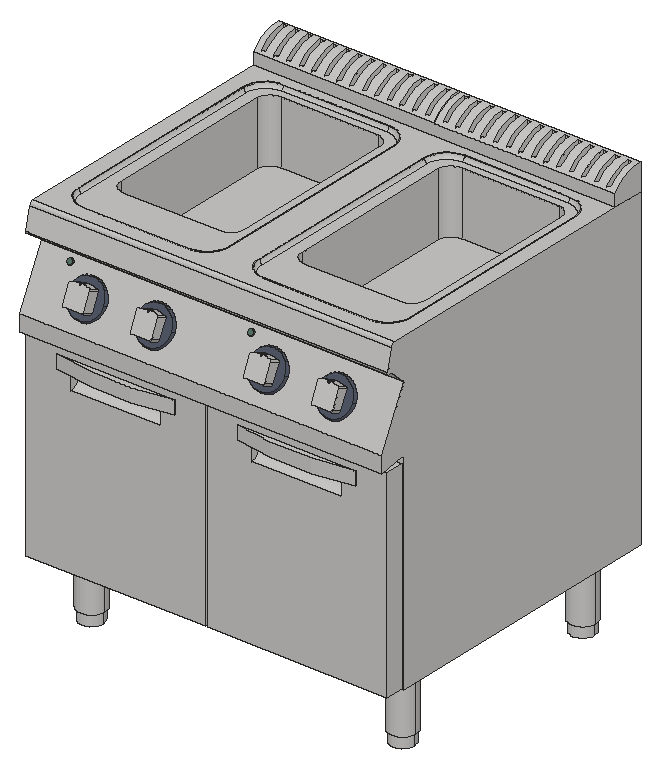
Revit family "QF_ZANUSSI_372099_Z7PCEH2KF0", category Specialty Equipment, Revit 2018
Family settings
  Round Connector Dimension = Use Diameter
  Part Type = Normal
  Work Plane-Based = No
  Always vertical = Yes
  Cut with Voids When Loaded = No
  Shared = No
  Room Calculation Point = No
Parameters
  Width = 800 mm  # constant formula
  Weight in Pounds = 110  # constant formula
  Weight = 0.00 kg
  Watts = 12000 W  # constant formula
  Waste Water Discharge Temperature [instance] = -459.67 °F
  Volts = 400 V  # constant formula
  URL Manufacturer = "http://www.zanussiprofessional.com"
  URL Cutsheet = "www.electrolux.com/foodservice"
  URL = "http://www.zanussiprofessional.com"
  Type Mark [instance] = ""
  Steam Supply Size = 0"
  Steam Supply Minimum Pressure = 0.00 psi
  Steam Supply Maximum Pressure = 0.00 psi
  Steam Pounds per Hour = 0
  Status [instance] = ""
  Specification by User [instance] = ""
  Specification by Manufacturer = ""
  Show Logo [instance] = yes
  Show Clearance [instance] = yes
  Serial Number = ""
  Seismic Rating = ""
  SMACNA No = ""
  Revision Code [instance] = ""
  Refrigeration Suction Line Size = 0"
  Refrigeration Liquid Line Size = 0"
  Refrigerant Compressor Remote = yes
  Plumbing Remarks [instance] = ""
  Plumbing Connection Type [instance] = ""
  Phase = 3  # constant formula
  Omniclass Number and Title = ""
  Number of Poles [instance] = 1
  NAFEM Spec ID Number = ""
  Model = "Z7PCEH2KF0"
  Min Ckt Ampacity = 0 A
  Max Overcurrent Protection = 0 A
  Masterspec = ""
  Manufacturer = "Zanussi"
  Length Actual = 800 mm  # constant formula
  Item Number [instance] = "372099"
  Installed By [instance] = ""
  Indirect Waste Size = 1"  # constant formula
  Indirect Waste Flow [instance] = 0 GPM
  Indirect Waste Connection Type [instance] = ""
  Indirect Waste Connection Height = 0 mm
  Identify Quantity as Lot [instance] = yes
  Hot Water Size = 0"
  Height Actual = 850 mm  # constant formula
  Height = 333 mm  # constant formula
  HP = "16.1 HP"
  Gas Size = 0"
  Gas KW = 0
  Gas Input Pressure = 0.0 Btu/h
  Furnished By [instance] = ""
  Foodservice Equipment Identifier [instance] = yes
  FL Amps = if(Phase = 3, Watts / (Volts * 1.73), Watts / Volts)  # 17.341 A
  Electrical Remarks [instance] = "400 V/3N ph/50/60 Hz"  # constant formula
  Electric Connection Type [instance] = ""
  Elec Conn RI Height [instance] = 0 mm
  Elec Conn Connection Height [instance] = 0 mm
  Direct Waste Size = 1"
  Description = "2-WELL EL. PASTA COOKER 2X24,5 LT 800 MM"
  Depth Actual = 700 mm  # constant formula
  Depth = 715 mm  # constant formula
  Cycle = if([60 Hertz Option], 60 Hz, 50 Hz)  # 60 Hz
  Conn Plug = ""
  Conn Conduit = yes
  Condensate Return Size = 0"
  Compressed Air Volume = 0 GPM
  Compressed Air Size = 0"
  Compressed Air Pressure = 0.00 psi
  Cold Water Temperature Recommended [instance] = -459.67 °F
  Cold Water Size = 1/2"  # constant formula
  Cold Water RI Height [instance] = 0 mm
  Cold Water Minimum Pressure [instance] = 0.00 psi
  Cold Water Maximum Pressure [instance] = 0.00 psi
  Cold Water Flow [instance] = 0 GPM
  Cold Water Consumption [instance] = ""
  Cold Water Connection Height = 0 mm
  CSI MasterFormat = ""
  CSI Master Format = ""
  Base Height [instance] = 150 mm  # constant formula
  Apparent Power = if(Phase = 3, Volts * FL Amps * 1.73, Volts * FL Amps)  # 12000 VA
  Accessory = yes
  60 Hertz Option = not([50 Hertz Option])  # yes
  50 Hertz Option = no
Reference planes
  plane 1 "BACK": y = 0
  plane 2: z = 0
  plane 3 "LEFT": x = 0
  plane 4 "RIGHT": x = 800
  plane 5 "FRONT": y = -715
  plane 6 "TOP": z = 908.238
  plane 7 "Center Y": x = 400
  plane 8 "Center X": y = -357.5
  plane 9 "BASE": z = 600.237
  plane 10 "TOP A": z = 850.238
  plane 11: y = -597.884
  plane 12: y = -147.637
  plane 13: z = 942.313
  plane 14: z = 150
Forms (mm)
  Extrusion 1, solid, material "QF_Finishes_Stainless Steel"
    sketch origin (0, 0, 0) x (0, 1, 0) y (0, 0, 1)
      loop
        line (0, 850.238) -> (-679.358, 850.238)
        arc (-679.358, 850.238) -> (-684.643, 848.048) -> (-686.833, 842.763) r 7.474
        line (-686.833, 842.763) -> (-699.884, 797.248)
        arc (-699.884, 797.248) -> (-699.396, 794.616) -> (-697, 793.421) r 3
        line (-697, 793.421) -> (-686.802, 793.421) -> (-654.982, 761.602) -> (-715, 640.746) -> (-715, 605.746) -> (-658.645, 613.666)
        arc (-658.645, 613.666) -> (-656.101, 612.912) -> (-655, 610.497) r 3.2
        line (-655, 610.497) -> (-655, 150.238) -> (0, 150.238) -> (0, 850.238)
      loop
        line (-700, 600.238) -> (-700, 155.238) -> (-660, 155.238) -> (-660, 600.238) -> (-700, 600.238)
    from 0 to 800
  Extrusion 2, solid, material "QF_Finishes_Stainless Steel"
    sketch origin (0, 0, 0) x (0, 1, 0) y (0, 0, 1)
      loop
        line (0, 850.237) -> (0, 908.237)
        arc (0, 908.237) -> (-38.715, 900.058) -> (-69.85, 875.637) r 87.358
        line (-69.85, 875.637) -> (-69.85, 850.237) -> (0, 850.237)
    from 0 to 800
  Extrusion 3, void
    sketch origin (0, 0, 850.238) x (-1, 0, 0) y (0, -1, 0)
      loop
        arc (-316.662, 645.265) -> (-352.018, 630.62) -> (-366.662, 595.265) r 50
        line (-366.662, 595.265) -> (-366.662, 140.124)
        arc (-366.662, 140.124) -> (-352.018, 104.769) -> (-316.662, 90.124) r 50
        line (-316.662, 90.124) -> (-83.338, 90.124)
        arc (-83.338, 90.124) -> (-47.982, 104.769) -> (-33.338, 140.124) r 50
        line (-33.338, 140.124) -> (-33.338, 595.265)
        arc (-33.338, 595.265) -> (-47.982, 630.62) -> (-83.338, 645.265) r 50
        line (-83.338, 645.265) -> (-316.662, 645.265)
      loop
        line (-483.337, 645.265) -> (-716.662, 645.265)
        arc (-716.662, 645.265) -> (-752.018, 630.62) -> (-766.662, 595.265) r 50
        line (-766.662, 595.265) -> (-766.662, 140.124)
        arc (-766.662, 140.124) -> (-752.018, 104.769) -> (-716.662, 90.124) r 50
        line (-716.662, 90.124) -> (-483.337, 90.124)
        arc (-483.337, 90.124) -> (-447.982, 104.769) -> (-433.337, 140.124) r 50
        line (-433.337, 140.124) -> (-433.337, 595.265)
        arc (-433.337, 595.265) -> (-447.982, 630.62) -> (-483.337, 645.265) r 50
    from 0 to -152.4
  Extrusion 4, void
    sketch origin (0, 0, 850.238) x (-1, 0, 0) y (0, -1, 0)
      loop
        line (-13.453, 6.761) -> (-13.453, 63.911) -> (-22.749, 63.911) -> (-22.749, 6.761) -> (-13.453, 6.761)
    from 25.4 to 63.5
  Extrusion 5, solid, material "QF_Finishes_Clearance", visible <- "Show Clearance", detail levels coarse
    sketch origin (0, 0, 0) x (1, 0, 0) y (0, 1, 0)
      loop
        line (0, -715) -> (0, 0) -> (800, 0) -> (800, -715) -> (950.019, -715) -> (950.019, 150.019) -> (-150.019, 150.019) -> (-150.019, -715) -> (0, -715)
    from 0 to 908.237
  Extrusion 6, void
    sketch origin (361.95, 0, 850.237) x (-1, 0, 0) y (0, -1, 0)
      loop
        line (-13.403, 6.761) -> (-13.403, 63.911) -> (-22.699, 63.911) -> (-22.699, 6.761) -> (-13.403, 6.761)
    from 25.4 to 63.5
  Extrusion 7, void
    sketch origin (27.842, 0, 850.238) x (-1, 0, 0) y (0, -1, 0)
      loop
        line (-13.453, 6.761) -> (-13.453, 63.911) -> (-22.749, 63.911) -> (-22.749, 6.761) -> (-13.453, 6.761)
    from 25.4 to 63.5
  Extrusion 8, void
    sketch origin (55.685, 0, 850.238) x (-1, 0, 0) y (0, -1, 0)
      loop
        line (-13.453, 6.761) -> (-13.453, 63.911) -> (-22.749, 63.911) -> (-22.749, 6.761) -> (-13.453, 6.761)
    from 25.4 to 63.5
  Extrusion 9, void
    sketch origin (83.527, 0, 850.238) x (-1, 0, 0) y (0, -1, 0)
      loop
        line (-13.453, 6.761) -> (-13.453, 63.911) -> (-22.749, 63.911) -> (-22.749, 6.761) -> (-13.453, 6.761)
    from 25.4 to 63.5
  Extrusion 10, void
    sketch origin (111.369, 0, 850.237) x (-1, 0, 0) y (0, -1, 0)
      loop
        line (-13.453, 6.761) -> (-13.453, 63.911) -> (-22.749, 63.911) -> (-22.749, 6.761) -> (-13.453, 6.761)
    from 25.4 to 63.5
  Extrusion 11, void
    sketch origin (139.212, 0, 850.237) x (-1, 0, 0) y (0, -1, 0)
      loop
        line (-13.453, 6.761) -> (-13.453, 63.911) -> (-22.749, 63.911) -> (-22.749, 6.761) -> (-13.453, 6.761)
    from 25.4 to 63.5
  Extrusion 12, void
    sketch origin (167.054, 0, 850.237) x (-1, 0, 0) y (0, -1, 0)
      loop
        line (-13.453, 6.761) -> (-13.453, 63.911) -> (-22.749, 63.911) -> (-22.749, 6.761) -> (-13.453, 6.761)
    from 25.4 to 63.5
  Extrusion 13, void
    sketch origin (194.896, 0, 850.237) x (-1, 0, 0) y (0, -1, 0)
      loop
        line (-13.403, 6.761) -> (-13.403, 63.911) -> (-22.699, 63.911) -> (-22.699, 6.761) -> (-13.403, 6.761)
    from 25.4 to 63.5
  Extrusion 14, void
    sketch origin (222.738, 0, 850.237) x (-1, 0, 0) y (0, -1, 0)
      loop
        line (-13.403, 6.761) -> (-13.403, 63.911) -> (-22.699, 63.911) -> (-22.699, 6.761) -> (-13.403, 6.761)
    from 25.4 to 63.5
  Extrusion 15, void
    sketch origin (250.581, 0, 850.237) x (-1, 0, 0) y (0, -1, 0)
      loop
        line (-13.403, 6.761) -> (-13.403, 63.911) -> (-22.699, 63.911) -> (-22.699, 6.761) -> (-13.403, 6.761)
    from 25.4 to 63.5
  Extrusion 16, void
    sketch origin (278.423, 0, 850.237) x (-1, 0, 0) y (0, -1, 0)
      loop
        line (-13.403, 6.761) -> (-13.403, 63.911) -> (-22.699, 63.911) -> (-22.699, 6.761) -> (-13.403, 6.761)
    from 25.4 to 63.5
  Extrusion 17, void
    sketch origin (306.265, 0, 850.237) x (-1, 0, 0) y (0, -1, 0)
      loop
        line (-13.403, 6.761) -> (-13.403, 63.911) -> (-22.699, 63.911) -> (-22.699, 6.761) -> (-13.403, 6.761)
    from 25.4 to 63.5
  Extrusion 18, void
    sketch origin (334.108, 0, 850.237) x (-1, 0, 0) y (0, -1, 0)
      loop
        line (-13.403, 6.761) -> (-13.403, 63.911) -> (-22.699, 63.911) -> (-22.699, 6.761) -> (-13.403, 6.761)
    from 25.4 to 63.5
  Extrusion 19, void
    sketch origin (800.1, 0, 850.237) x (1, 0, 0) y (0, 1, 0)
      loop
        line (-13.553, -6.761) -> (-22.849, -6.761) -> (-22.849, -63.911) -> (-13.553, -63.911) -> (-13.553, -6.761)
    from 25.4 to 63.5
  Extrusion 20, void
    sketch origin (438.15, 0, 850.237) x (1, 0, 0) y (0, 1, 0)
      loop
        line (-13.503, -6.761) -> (-22.799, -6.761) -> (-22.799, -63.911) -> (-13.503, -63.911) -> (-13.503, -6.761)
    from 25.4 to 63.5
  Extrusion 21, void
    sketch origin (772.258, 0, 850.237) x (1, 0, 0) y (0, 1, 0)
      loop
        line (-13.553, -6.761) -> (-22.849, -6.761) -> (-22.849, -63.911) -> (-13.553, -63.911) -> (-13.553, -6.761)
    from 25.4 to 63.5
  Extrusion 22, void
    sketch origin (744.415, 0, 850.237) x (1, 0, 0) y (0, 1, 0)
      loop
        line (-13.553, -6.761) -> (-22.849, -6.761) -> (-22.849, -63.911) -> (-13.553, -63.911) -> (-13.553, -6.761)
    from 25.4 to 63.5
  Extrusion 23, void
    sketch origin (716.573, 0, 850.237) x (1, 0, 0) y (0, 1, 0)
      loop
        line (-13.553, -6.761) -> (-22.849, -6.761) -> (-22.849, -63.911) -> (-13.553, -63.911) -> (-13.553, -6.761)
    from 25.4 to 63.5
  Extrusion 24, void
    sketch origin (688.731, 0, 850.237) x (1, 0, 0) y (0, 1, 0)
      loop
        line (-13.553, -6.761) -> (-22.849, -6.761) -> (-22.849, -63.911) -> (-13.553, -63.911) -> (-13.553, -6.761)
    from 25.4 to 63.5
  Extrusion 25, void
    sketch origin (660.888, 0, 850.237) x (1, 0, 0) y (0, 1, 0)
      loop
        line (-13.553, -6.761) -> (-22.849, -6.761) -> (-22.849, -63.911) -> (-13.553, -63.911) -> (-13.553, -6.761)
    from 25.4 to 63.5
  Extrusion 26, void
    sketch origin (633.046, 0, 850.237) x (1, 0, 0) y (0, 1, 0)
      loop
        line (-13.553, -6.761) -> (-22.849, -6.761) -> (-22.849, -63.911) -> (-13.553, -63.911) -> (-13.553, -6.761)
    from 25.4 to 63.5
  Extrusion 27, void
    sketch origin (605.204, 0, 850.237) x (1, 0, 0) y (0, 1, 0)
      loop
        line (-13.503, -6.761) -> (-22.799, -6.761) -> (-22.799, -63.911) -> (-13.503, -63.911) -> (-13.503, -6.761)
    from 25.4 to 63.5
  Extrusion 28, void
    sketch origin (577.362, 0, 850.237) x (1, 0, 0) y (0, 1, 0)
      loop
        line (-13.503, -6.761) -> (-22.799, -6.761) -> (-22.799, -63.911) -> (-13.503, -63.911) -> (-13.503, -6.761)
    from 25.4 to 63.5
  Extrusion 29, void
    sketch origin (549.519, 0, 850.237) x (1, 0, 0) y (0, 1, 0)
      loop
        line (-13.503, -6.761) -> (-22.799, -6.761) -> (-22.799, -63.911) -> (-13.503, -63.911) -> (-13.503, -6.761)
    from 25.4 to 63.5
  Extrusion 30, void
    sketch origin (521.677, 0, 850.237) x (1, 0, 0) y (0, 1, 0)
      loop
        line (-13.503, -6.761) -> (-22.799, -6.761) -> (-22.799, -63.911) -> (-13.503, -63.911) -> (-13.503, -6.761)
    from 25.4 to 63.5
  Extrusion 31, void
    sketch origin (493.835, 0, 850.237) x (1, 0, 0) y (0, 1, 0)
      loop
        line (-13.503, -6.761) -> (-22.799, -6.761) -> (-22.799, -63.911) -> (-13.503, -63.911) -> (-13.503, -6.761)
    from 25.4 to 63.5
  Extrusion 32, void
    sketch origin (465.992, 0, 850.237) x (1, 0, 0) y (0, 1, 0)
      loop
        line (-13.503, -6.761) -> (-22.799, -6.761) -> (-22.799, -63.911) -> (-13.503, -63.911) -> (-13.503, -6.761)
    from 25.4 to 63.5
  Extrusion 33, void
    sketch origin (418.151, 0, 850.237) x (1, 0, 0) y (0, 1, 0)
      loop
        line (-16.563, 0) -> (-19.738, 0) -> (-19.738, -69.85) -> (-16.563, -69.85) -> (-16.563, 0)
    from 25.4 to 63.5
  Revolve 34, solid, material "QF_Finishes_Stainless Steel"
    sketch origin (0, -587.387, 608.09) x (0, 0, 1) y (-1, 0, 0)
      loop
        line (-608.09, -56) -> (-458.09, -56) -> (-458.09, -26) -> (-583.09, -26) -> (-583.09, -29.75) -> (-608.09, -29.75) -> (-608.09, -56)
      axis (-608.09, -56) -> (-458.09, -56)
    angle from 0 to 360
  Revolve 35, solid, material "QF_Finishes_Stainless Steel"
    sketch origin (0, -90, 608.09) x (0, 0, 1) y (-1, 0, 0)
      loop
        line (-608.09, -56) -> (-458.09, -56) -> (-458.09, -26) -> (-583.09, -26) -> (-583.09, -29.75) -> (-608.09, -29.75) -> (-608.09, -56)
      axis (-608.09, -56) -> (-458.09, -56)
    angle from 0 to 360
  Revolve 36, solid, material "QF_Finishes_Stainless Steel"
    sketch origin (800.1, -587.387, 608.09) x (0, 0, 1) y (-1, 0, 0)
      loop
        line (-608.09, 56.1) -> (-608.09, 29.85) -> (-583.09, 29.85) -> (-583.09, 26.1) -> (-458.09, 26.1) -> (-458.09, 56.1) -> (-608.09, 56.1)
      axis (-608.09, 56.1) -> (-458.09, 56.1)
    angle from 0 to 360
  Revolve 37, solid, material "QF_Finishes_Stainless Steel"
    sketch origin (800.1, -90, 608.09) x (0, 0, 1) y (-1, 0, 0)
      loop
        line (-608.09, 56.1) -> (-608.09, 29.85) -> (-583.09, 29.85) -> (-583.09, 26.1) -> (-458.09, 26.1) -> (-458.09, 56.1) -> (-608.09, 56.1)
      axis (-608.09, 56.1) -> (-458.09, 56.1)
    angle from 0 to 360
  Extrusion 38, solid, material "QF_Finishes_Stainless Steel"
    sketch origin (-77.88, -4572, 150) x (-1, 0, 0) y (0, -1, 0)
      loop
        circle (-676.88, -4201) r 12.7
      loop
        circle (-709.88, -3991) r 12.7
      loop
        circle (-812.88, -4071) r 6.35
    from 0 to -12.7
  Extrusion 39, solid, material "QF_Finishes_Stainless Steel"
    sketch origin (-77.88, -4572, 850.238) x (-1, 0, 0) y (0, -1, 0)
      loop
        line (-111.217, -4431.876) -> (-111.217, -3976.735)
        arc (-111.217, -3976.735) -> (-125.862, -3941.38) -> (-161.217, -3926.735) r 50
        line (-161.217, -3926.735) -> (-394.542, -3926.735)
        arc (-394.542, -3926.735) -> (-429.897, -3941.38) -> (-444.542, -3976.735) r 50
        line (-444.542, -3976.735) -> (-444.542, -4431.876)
        arc (-444.542, -4431.876) -> (-429.897, -4467.231) -> (-394.542, -4481.876) r 50
        line (-394.542, -4481.876) -> (-161.217, -4481.876)
        arc (-161.217, -4481.876) -> (-125.862, -4467.231) -> (-111.217, -4431.876) r 50
      loop
        arc (-414.542, -4431.876) -> (-405.755, -4453.089) -> (-384.542, -4461.876) r 30
        line (-384.542, -4461.876) -> (-171.217, -4461.876)
        arc (-171.217, -4461.876) -> (-150.004, -4453.089) -> (-141.217, -4431.876) r 30
        line (-141.217, -4431.876) -> (-141.217, -4056.735)
        arc (-141.217, -4056.735) -> (-150.004, -4035.522) -> (-171.217, -4026.735) r 30
        line (-171.217, -4026.735) -> (-384.542, -4026.735)
        arc (-384.542, -4026.735) -> (-405.755, -4035.522) -> (-414.542, -4056.735) r 30
        line (-414.542, -4056.735) -> (-414.542, -4431.876)
      loop
        arc (-844.542, -4431.876) -> (-829.897, -4467.231) -> (-794.542, -4481.876) r 50
        line (-794.542, -4481.876) -> (-561.217, -4481.876)
        arc (-561.217, -4481.876) -> (-525.862, -4467.231) -> (-511.217, -4431.876) r 50
        line (-511.217, -4431.876) -> (-511.217, -3976.735)
        arc (-511.217, -3976.735) -> (-525.862, -3941.38) -> (-561.217, -3926.735) r 50
        line (-561.217, -3926.735) -> (-794.542, -3926.735)
        arc (-794.542, -3926.735) -> (-829.897, -3941.38) -> (-844.542, -3976.735) r 50
        line (-844.542, -3976.735) -> (-844.542, -4431.876)
      loop
        line (-541.217, -4431.876) -> (-541.217, -4056.735)
        arc (-541.217, -4056.735) -> (-550.004, -4035.522) -> (-571.217, -4026.735) r 30
        line (-571.217, -4026.735) -> (-784.542, -4026.735)
        arc (-784.542, -4026.735) -> (-805.755, -4035.522) -> (-814.542, -4056.735) r 30
        line (-814.542, -4056.735) -> (-814.542, -4431.876)
        arc (-814.542, -4431.876) -> (-805.755, -4453.089) -> (-784.542, -4461.876) r 30
        line (-784.542, -4461.876) -> (-571.217, -4461.876)
        arc (-571.217, -4461.876) -> (-550.004, -4453.089) -> (-541.217, -4431.876) r 30
    from -12.7 to -152.4
  Sweep 40, solid, material "QF_Finishes_Stainless Steel"
    path origin (-77.88, -4572, 850.238) x (-1, 0, 0) y (0, -1, 0)
      loop
        line (-111.217, -4431.876) -> (-111.217, -3976.735)
        arc (-111.217, -3976.735) -> (-125.862, -3941.38) -> (-161.217, -3926.735) r 50
        line (-161.217, -3926.735) -> (-394.542, -3926.735)
        arc (-394.542, -3926.735) -> (-429.897, -3941.38) -> (-444.542, -3976.735) r 50
        line (-444.542, -3976.735) -> (-444.542, -4431.876)
        arc (-444.542, -4431.876) -> (-429.897, -4467.231) -> (-394.542, -4481.876) r 50
        line (-394.542, -4481.876) -> (-161.217, -4481.876)
        arc (-161.217, -4481.876) -> (-125.862, -4467.231) -> (-111.217, -4431.876) r 50
    profile origin (33.338, -367.694, 850.238) x (1, 0, 0) y (0, 0, 1)
      loop
        line (0, 0) -> (0, -10.84) -> (5.055, -10.84)
        arc (5.055, -10.84) -> (1.326, -5.98) -> (0, 0) r 14.151
  Sweep 41, solid, material "QF_Finishes_Stainless Steel"
    path origin (877.98, -4572, 850.237) x (1, 0, 0) y (0, 1, 0)
      loop
        arc (-111.317, 4431.876) -> (-125.962, 4467.231) -> (-161.317, 4481.876) r 50
        line (-161.317, 4481.876) -> (-394.642, 4481.876)
        arc (-394.642, 4481.876) -> (-429.997, 4467.231) -> (-444.642, 4431.876) r 50
        line (-444.642, 4431.876) -> (-444.642, 3976.735)
        arc (-444.642, 3976.735) -> (-429.997, 3941.38) -> (-394.642, 3926.735) r 50
        line (-394.642, 3926.735) -> (-161.317, 3926.735)
        arc (-161.317, 3926.735) -> (-125.962, 3941.38) -> (-111.317, 3976.735) r 50
        line (-111.317, 3976.735) -> (-111.317, 4431.876)
    profile origin (766.662, -367.694, 850.237) x (1, 0, 0) y (0, 0, 1)
      loop
        arc (0, 0) -> (-1.326, -5.98) -> (-5.055, -10.84) r 14.151
        line (-5.055, -10.84) -> (0, -10.84) -> (0, 0)
  Extrusion 42, void
    sketch origin (200, -27.863, 0) x (0, 1, 0) y (0, 0, 1)
      loop
        line (-672.137, 567) -> (-672.137, 517)
        arc (-672.137, 517) -> (-656.47, 524.721) -> (-650.137, 541) r 24.091
        line (-650.137, 541) -> (-650.137, 567) -> (-672.137, 567)
    from -100 to 100
  Extrusion 43, solid, material "QF_Finishes_Stainless Steel"
    sketch origin (-77.88, -4572, 150) x (-1, 0, 0) y (0, -1, 0)
      loop
        arc (-147.606, -3871.085) -> (-277.88, -3857) -> (-408.153, -3871.085) r 609.497
        line (-408.153, -3871.085) -> (-408.153, -3872) -> (-147.606, -3872) -> (-147.606, -3871.085)
    from 400 to 430
  Extrusion 44, void
    sketch origin (600, -27.863, 0) x (0, 1, 0) y (0, 0, 1)
      loop
        line (-672.137, 567) -> (-672.137, 517)
        arc (-672.137, 517) -> (-656.47, 524.721) -> (-650.137, 541) r 24.091
        line (-650.137, 541) -> (-650.137, 567) -> (-672.137, 567)
    from -100 to 100
  Extrusion 45, solid, material "QF_Finishes_Stainless Steel"
    sketch origin (322.12, -4572, 150) x (-1, 0, 0) y (0, -1, 0)
      loop
        arc (-147.606, -3871.085) -> (-277.88, -3857) -> (-408.153, -3871.085) r 609.497
        line (-408.153, -3871.085) -> (-408.153, -3872) -> (-147.606, -3872) -> (-147.606, -3871.085)
    from 400 to 430
  Extrusion 46, solid, material "QF_Finishes_Door Clearance", visible <- "Show Clearance", detail levels coarse
    sketch origin (0, 0, 850) x (-1, 0, 0) y (0, -1, 0)
      loop
        arc (0, 1073) -> (-280.596, 964.46) -> (-397.87, 687.4) r 385.701
        line (-397.87, 687.4) -> (0, 687.4) -> (0, 1073)
      loop
        line (-800, 1073) -> (-800, 687.4) -> (-402.13, 687.4)
        arc (-402.13, 687.4) -> (-519.404, 964.46) -> (-800, 1073) r 385.701
    from -695 to -250
  Extrusion 47, void
    sketch origin (0, -660.4, 150) x (0, 0, 1) y (-1, 0, 0)
      loop
        line (450, -397.87) -> (5, -397.87) -> (5, -402.13) -> (450, -402.13) -> (450, -397.87)
    from 39.6 to -0.4
  Extrusion 48, solid, material "QF_Plastic-Black-Matte"
    sketch origin (217.5, -684.991, 701.174) x (0, 0.444781, 0.895639) y (0, 0.895639, -0.444781)
      loop
        line (26.984, -34) -> (23.984, -34) -> (23.984, -35) -> (26.984, -35)
        arc (26.984, -35) -> (27.691, -34.707) -> (27.984, -34) r 1
        line (27.984, -34) -> (27.984, -19) -> (26.984, -19) -> (26.984, -34)
    from -58.5 to -56.5
  Extrusion 49, solid, material "QF_Finishes_Stainless Steel"
    sketch origin (275, -684.991, 701.174) x (-1, 0, 0) y (0, -0.444781, -0.895639)
      loop
        line (17.5, -17.5) -> (17.5, 17.5) -> (-17.5, 17.5) -> (-17.5, -17.5) -> (17.5, -17.5)
    from 5 to 10
  Extrusion 50, solid, material "QF_Finishes_Stainless Steel"
    sketch origin (275, -684.991, 701.174) x (-1, 0, 0) y (0, -0.444781, -0.895639)
      loop
        arc (-21.147, -22.789) -> (0, -26.984) -> (21.147, -22.789) r 55.4
        arc (21.147, -22.789) -> (22.494, -21.685) -> (23, -20.019) r 2.997
        line (23, -20.019) -> (23, 20.019)
        arc (23, 20.019) -> (22.122, 22.138) -> (20.003, 23.016) r 2.997
        line (20.003, 23.016) -> (-20.003, 23.016)
        arc (-20.003, 23.016) -> (-22.122, 22.138) -> (-23, 20.019) r 2.997
        line (-23, 20.019) -> (-23, -20.019)
        arc (-23, -20.019) -> (-22.494, -21.685) -> (-21.147, -22.789) r 2.997
    from 10 to 34
  Blend 51, solid, material "QF_Finishes_Navy Blue"
    base sketch origin (275, -684.991, 701.174) x (1, 0, 0) y (0, 0.444781, 0.895639)
      loop
        circle (0, 0) r 42.5
    top sketch origin (275, -684.991, 701.174) x (1, 0, 0) y (0, 0.444781, 0.895639)
      loop
        circle (0, 0) r 40.5
    from 0 to 5
  Extrusion 52, solid, material "QF_Finishes_Stainless Steel"
    sketch origin (125, -684.991, 701.174) x (1, 0, 0) y (0, 0.444781, 0.895639)
      loop
        arc (-21.147, 22.789) -> (-22.494, 21.685) -> (-23, 20.019) r 2.997
        line (-23, 20.019) -> (-23, -20.019)
        arc (-23, -20.019) -> (-22.122, -22.138) -> (-20.003, -23.016) r 2.997
        line (-20.003, -23.016) -> (20.003, -23.016)
        arc (20.003, -23.016) -> (22.122, -22.138) -> (23, -20.019) r 2.997
        line (23, -20.019) -> (23, 20.019)
        arc (23, 20.019) -> (22.494, 21.685) -> (21.147, 22.789) r 2.997
        arc (21.147, 22.789) -> (0, 26.984) -> (-21.147, 22.789) r 55.4
    from 10 to 34
  Extrusion 53, solid, material "QF_Plastic-Black-Matte"
    sketch origin (205, -684.991, 701.174) x (0, 0.444781, 0.895639) y (0, -0.895639, 0.444781)
      loop
        line (26.984, 34) -> (26.984, 19) -> (27.984, 19) -> (27.984, 34)
        arc (27.984, 34) -> (27.691, 34.707) -> (26.984, 35) r 1
        line (26.984, 35) -> (23.984, 35) -> (23.984, 34) -> (26.984, 34)
    from -81 to -79
  Extrusion 54, solid, material "QF_Finishes_DarkGreen"
    sketch origin (125, -662.752, 745.956) x (1, 0, 0) y (0, 0.444781, 0.895639)
      loop
        circle (-55.001, 0) r 6
    from 0 to 1.6
  Extrusion 55, solid, material "QF_Finishes_Stainless Steel"
    sketch origin (125, -684.991, 701.174) x (1, 0, 0) y (0, 0.444781, 0.895639)
      loop
        line (17.5, 17.5) -> (-17.5, 17.5) -> (-17.5, -17.5) -> (17.5, -17.5) -> (17.5, 17.5)
    from 5 to 10
  Blend 56, solid, material "QF_Finishes_Navy Blue"
    base sketch origin (125, -684.991, 701.174) x (1, 0, 0) y (0, 0.444781, 0.895639)
      loop
        circle (0, 0) r 42.5
    top sketch origin (125, -684.991, 701.174) x (1, 0, 0) y (0, 0.444781, 0.895639)
      loop
        circle (0, 0) r 40.5
    from 0 to 5
  Extrusion 57, solid, material "QF_Plastic-Black-Matte"
    sketch origin (617.5, -684.991, 701.174) x (0, 0.444781, 0.895639) y (0, 0.895639, -0.444781)
      loop
        line (26.984, -34) -> (23.984, -34) -> (23.984, -35) -> (26.984, -35)
        arc (26.984, -35) -> (27.691, -34.707) -> (27.984, -34) r 1
        line (27.984, -34) -> (27.984, -19) -> (26.984, -19) -> (26.984, -34)
    from -58.5 to -56.5
  Extrusion 58, solid, material "QF_Finishes_Stainless Steel"
    sketch origin (675, -684.991, 701.174) x (-1, 0, 0) y (0, -0.444781, -0.895639)
      loop
        line (17.5, -17.5) -> (17.5, 17.5) -> (-17.5, 17.5) -> (-17.5, -17.5) -> (17.5, -17.5)
    from 5 to 10
  Extrusion 59, solid, material "QF_Finishes_Stainless Steel"
    sketch origin (675, -684.991, 701.174) x (-1, 0, 0) y (0, -0.444781, -0.895639)
      loop
        arc (-21.147, -22.789) -> (0, -26.984) -> (21.147, -22.789) r 55.4
        arc (21.147, -22.789) -> (22.494, -21.685) -> (23, -20.019) r 2.997
        line (23, -20.019) -> (23, 20.019)
        arc (23, 20.019) -> (22.122, 22.138) -> (20.003, 23.016) r 2.997
        line (20.003, 23.016) -> (-20.003, 23.016)
        arc (-20.003, 23.016) -> (-22.122, 22.138) -> (-23, 20.019) r 2.997
        line (-23, 20.019) -> (-23, -20.019)
        arc (-23, -20.019) -> (-22.494, -21.685) -> (-21.147, -22.789) r 2.997
    from 10 to 34
  Blend 60, solid, material "QF_Finishes_Navy Blue"
    base sketch origin (675, -684.991, 701.174) x (1, 0, 0) y (0, 0.444781, 0.895639)
      loop
        circle (0, 0) r 42.5
    top sketch origin (675, -684.991, 701.174) x (1, 0, 0) y (0, 0.444781, 0.895639)
      loop
        circle (0, 0) r 40.5
    from 0 to 5
  Extrusion 61, solid, material "QF_Finishes_Stainless Steel"
    sketch origin (525, -684.991, 701.174) x (1, 0, 0) y (0, 0.444781, 0.895639)
      loop
        arc (-21.147, 22.789) -> (-22.494, 21.685) -> (-23, 20.019) r 2.997
        line (-23, 20.019) -> (-23, -20.019)
        arc (-23, -20.019) -> (-22.122, -22.138) -> (-20.003, -23.016) r 2.997
        line (-20.003, -23.016) -> (20.003, -23.016)
        arc (20.003, -23.016) -> (22.122, -22.138) -> (23, -20.019) r 2.997
        line (23, -20.019) -> (23, 20.019)
        arc (23, 20.019) -> (22.494, 21.685) -> (21.147, 22.789) r 2.997
        arc (21.147, 22.789) -> (0, 26.984) -> (-21.147, 22.789) r 55.4
    from 10 to 34
  Extrusion 62, solid, material "QF_Plastic-Black-Matte"
    sketch origin (605, -684.991, 701.174) x (0, 0.444781, 0.895639) y (0, -0.895639, 0.444781)
      loop
        line (26.984, 34) -> (26.984, 19) -> (27.984, 19) -> (27.984, 34)
        arc (27.984, 34) -> (27.691, 34.707) -> (26.984, 35) r 1
        line (26.984, 35) -> (23.984, 35) -> (23.984, 34) -> (26.984, 34)
    from -81 to -79
  Extrusion 63, solid, material "QF_Finishes_DarkGreen"
    sketch origin (525, -662.752, 745.956) x (1, 0, 0) y (0, 0.444781, 0.895639)
      loop
        circle (-55.001, 0) r 6
    from 0 to 1.6
  Extrusion 64, solid, material "QF_Finishes_Stainless Steel"
    sketch origin (525, -684.991, 701.174) x (1, 0, 0) y (0, 0.444781, 0.895639)
      loop
        line (17.5, 17.5) -> (-17.5, 17.5) -> (-17.5, -17.5) -> (17.5, -17.5) -> (17.5, 17.5)
    from 5 to 10
  Blend 65, solid, material "QF_Finishes_Navy Blue"
    base sketch origin (525, -684.991, 701.174) x (1, 0, 0) y (0, 0.444781, 0.895639)
      loop
        circle (0, 0) r 42.5
    top sketch origin (525, -684.991, 701.174) x (1, 0, 0) y (0, 0.444781, 0.895639)
      loop
        circle (0, 0) r 40.5
    from 0 to 5
Cuts and joins
  Extrusion 3, Extrusion 4, Extrusion 42, Extrusion 44, Extrusion 47 cuts Extrusion 1
  Extrusion 4, Extrusion 6, Extrusion 7, Extrusion 8, Extrusion 9, Extrusion 10, Extrusion 11, Extrusion 12, Extrusion 13, Extrusion 14, Extrusion 15, Extrusion 16, Extrusion 17, Extrusion 18, Extrusion 19, Extrusion 20, Extrusion 21, Extrusion 22, Extrusion 23, Extrusion 24, Extrusion 25, Extrusion 26, Extrusion 27, Extrusion 28, Extrusion 29, Extrusion 30, Extrusion 31, Extrusion 32, Extrusion 33 cuts Extrusion 2
  Extrusion 6, Extrusion 7, Extrusion 8, Extrusion 9, Extrusion 10, Extrusion 11, Extrusion 12, Extrusion 13, Extrusion 14, Extrusion 15, Extrusion 16, Extrusion 17, Extrusion 18, Extrusion 19, Extrusion 20, Extrusion 21, Extrusion 22, Extrusion 23, Extrusion 24, Extrusion 25, Extrusion 26, Extrusion 27, Extrusion 28, Extrusion 29, Extrusion 30, Extrusion 31, Extrusion 32, Extrusion 33 cuts Extrusion 5
  Extrusion 47 cuts Extrusion 46
Lines and regions (mm)
  Split face 1
    outline origin (275, -689.469, 703.397) x (1, 0, 0) y (0, 0.444781, 0.895639)
      loop
        arc (-0.521, 36.501) -> (-26.491, 26.394) -> (-37.708, 0.884) r 36.411
        line (-37.708, 0.884) -> (-31.708, 0.884)
        arc (-31.708, 0.884) -> (-21.998, 23.844) -> (-0.521, 36.501) r 39.733
  Split face 2
    outline origin (125, -689.469, 703.397) x (0, -0.444781, -0.895639) y (1, 0, 0)
      loop
        circle (-34, 0) r 1.5
  Split face 3
    outline origin (125, -689.469, 703.397) x (1, 0, 0) y (0, 0.444781, 0.895639)
      loop
        circle (-32.336, 10.507) r 1.5
  Split face 4
    outline origin (125, -689.469, 703.397) x (1, 0, 0) y (0, 0.444781, 0.895639)
      loop
        circle (-19.985, -27.507) r 1.5
  Split face 5
    outline origin (125, -689.469, 703.397) x (1, 0, 0) y (0, 0.444781, 0.895639)
      loop
        circle (19.985, -27.507) r 1.5
  Split face 6
    outline origin (125, -689.469, 703.397) x (1, 0, 0) y (0, 0.444781, 0.895639)
      loop
        circle (32.336, 10.507) r 1.5
  Split face 7
    outline origin (675, -689.469, 703.397) x (1, 0, 0) y (0, 0.444781, 0.895639)
      loop
        arc (-0.521, 36.501) -> (-26.491, 26.394) -> (-37.708, 0.884) r 36.411
        line (-37.708, 0.884) -> (-31.708, 0.884)
        arc (-31.708, 0.884) -> (-21.998, 23.844) -> (-0.521, 36.501) r 39.733
  Split face 8
    outline origin (525, -689.469, 703.397) x (0, -0.444781, -0.895639) y (1, 0, 0)
      loop
        circle (-34, 0) r 1.5
  Split face 9
    outline origin (525, -689.469, 703.397) x (1, 0, 0) y (0, 0.444781, 0.895639)
      loop
        circle (-32.336, 10.507) r 1.5
  Split face 10
    outline origin (525, -689.469, 703.397) x (1, 0, 0) y (0, 0.444781, 0.895639)
      loop
        circle (-19.985, -27.507) r 1.5
  Split face 11
    outline origin (525, -689.469, 703.397) x (1, 0, 0) y (0, 0.444781, 0.895639)
      loop
        circle (19.985, -27.507) r 1.5
  Split face 12
    outline origin (525, -689.469, 703.397) x (1, 0, 0) y (0, 0.444781, 0.895639)
      loop
        circle (32.336, 10.507) r 1.5
  symbolic lines, style "QF-Clearances", visible <- "Show Clearance", detail levels coarse
    curve 1: line (-150.019, 150.019, 850.238) -> (-150.019, -716.377, 850.238)
    curve 2: line (950.019, 150.019, 850.237) -> (-150.019, 150.019, 850.238)
    curve 3: line (950.019, -716.377, 850.237) -> (950.019, 150.019, 850.237)
  symbolic lines
    curve 4: line (0, 0, 850.238) -> (800, 0, 850.237)
    curve 5: line (0, -715, 850.238) -> (0, 0, 850.238)
    curve 6: line (800, 0, 850.237) -> (800, -715, 850.237)
    curve 7: line (22.699, -6.761, 850.238) -> (22.699, -63.911, 850.238)
    curve 8: line (13.403, -63.911, 850.238) -> (13.403, -6.761, 850.238)
    curve 9: line (13.403, -6.761, 850.238) -> (22.699, -6.761, 850.238)
    curve 10: line (0, -69.85, 850.238) -> (398.413, -69.85, 850.237)
    curve 11: line (384.649, -6.761, 850.237) -> (384.649, -63.911, 850.237)
    curve 12: line (375.353, -63.911, 850.237) -> (375.353, -6.761, 850.237)
    curve 13: line (375.353, -6.761, 850.237) -> (384.649, -6.761, 850.237)
    curve 14: line (50.541, -6.761, 850.238) -> (50.541, -63.911, 850.238)
    curve 15: line (41.245, -63.911, 850.238) -> (41.245, -6.761, 850.238)
    curve 16: line (41.245, -6.761, 850.238) -> (50.541, -6.761, 850.238)
    curve 17: line (78.383, -6.761, 850.238) -> (78.383, -63.911, 850.238)
    curve 18: line (69.087, -63.911, 850.238) -> (69.087, -6.761, 850.238)
    curve 19: line (69.087, -6.761, 850.238) -> (78.383, -6.761, 850.238)
    curve 20: line (106.225, -6.761, 850.237) -> (106.225, -63.911, 850.237)
    curve 21: line (96.93, -63.911, 850.238) -> (96.93, -6.761, 850.238)
    curve 22: line (96.93, -6.761, 850.238) -> (106.225, -6.761, 850.237)
    curve 23: line (134.068, -6.761, 850.237) -> (134.068, -63.911, 850.237)
    curve 24: line (124.772, -63.911, 850.237) -> (124.772, -6.761, 850.237)
    curve 25: line (124.772, -6.761, 850.237) -> (134.068, -6.761, 850.237)
    curve 26: line (161.91, -6.761, 850.237) -> (161.91, -63.911, 850.237)
    curve 27: line (152.614, -63.911, 850.237) -> (152.614, -6.761, 850.237)
    curve 28: line (152.614, -6.761, 850.237) -> (161.91, -6.761, 850.237)
    curve 29: line (189.752, -6.761, 850.237) -> (189.752, -63.911, 850.237)
    curve 30: line (180.457, -63.911, 850.237) -> (180.457, -6.761, 850.237)
    curve 31: line (180.457, -6.761, 850.237) -> (189.752, -6.761, 850.237)
    curve 32: line (217.595, -6.761, 850.237) -> (217.595, -63.911, 850.237)
    curve 33: line (208.299, -63.911, 850.237) -> (208.299, -6.761, 850.237)
    curve 34: line (208.299, -6.761, 850.237) -> (217.595, -6.761, 850.237)
    curve 35: line (245.437, -6.761, 850.237) -> (245.437, -63.911, 850.237)
    curve 36: line (236.141, -63.911, 850.237) -> (236.141, -6.761, 850.237)
    curve 37: line (236.141, -6.761, 850.237) -> (245.437, -6.761, 850.237)
    curve 38: line (273.279, -6.761, 850.237) -> (273.279, -63.911, 850.237)
    curve 39: line (263.984, -63.911, 850.237) -> (263.984, -6.761, 850.237)
    curve 40: line (263.984, -6.761, 850.237) -> (273.279, -6.761, 850.237)
    curve 41: line (301.122, -6.761, 850.237) -> (301.122, -63.911, 850.237)
    curve 42: line (291.826, -63.911, 850.237) -> (291.826, -6.761, 850.237)
    curve 43: line (291.826, -6.761, 850.237) -> (301.122, -6.761, 850.237)
    curve 44: line (328.964, -6.761, 850.237) -> (328.964, -63.911, 850.237)
    curve 45: line (319.668, -63.911, 850.237) -> (319.668, -6.761, 850.237)
    curve 46: line (319.668, -6.761, 850.237) -> (328.964, -6.761, 850.237)
    curve 47: line (356.806, -6.761, 850.237) -> (356.806, -63.911, 850.237)
    curve 48: line (347.511, -63.911, 850.237) -> (347.511, -6.761, 850.237)
    curve 49: line (347.511, -6.761, 850.237) -> (356.806, -6.761, 850.237)
    curve 50: line (777.251, -6.761, 850.237) -> (777.251, -63.911, 850.237)
    curve 51: line (786.547, -63.911, 850.237) -> (786.547, -6.761, 850.237)
    curve 52: line (786.547, -6.761, 850.237) -> (777.251, -6.761, 850.237)
    curve 53: line (415.301, -6.761, 850.237) -> (415.301, -63.911, 850.237)
    curve 54: line (424.597, -63.911, 850.237) -> (424.597, -6.761, 850.237)
    curve 55: line (424.597, -6.761, 850.237) -> (415.301, -6.761, 850.237)
    curve 56: line (749.409, -6.761, 850.237) -> (749.409, -63.911, 850.237)
    curve 57: line (758.705, -63.911, 850.237) -> (758.705, -6.761, 850.237)
    curve 58: line (758.705, -6.761, 850.237) -> (749.409, -6.761, 850.237)
    curve 59: line (721.567, -6.761, 850.237) -> (721.567, -63.911, 850.237)
    curve 60: line (730.863, -63.911, 850.237) -> (730.863, -6.761, 850.237)
    curve 61: line (730.863, -6.761, 850.237) -> (721.567, -6.761, 850.237)
    curve 62: line (693.725, -6.761, 850.237) -> (693.725, -63.911, 850.237)
    curve 63: line (703.02, -63.911, 850.237) -> (703.02, -6.761, 850.237)
    curve 64: line (703.02, -6.761, 850.237) -> (693.725, -6.761, 850.237)
    curve 65: line (665.882, -6.761, 850.237) -> (665.882, -63.911, 850.237)
    curve 66: line (675.178, -63.911, 850.237) -> (675.178, -6.761, 850.237)
    curve 67: line (675.178, -6.761, 850.237) -> (665.882, -6.761, 850.237)
    curve 68: line (638.04, -6.761, 850.237) -> (638.04, -63.911, 850.237)
    curve 69: line (647.336, -63.911, 850.237) -> (647.336, -6.761, 850.237)
    curve 70: line (647.336, -6.761, 850.237) -> (638.04, -6.761, 850.237)
    curve 71: line (610.198, -6.761, 850.237) -> (610.198, -63.911, 850.237)
    curve 72: line (619.493, -63.911, 850.237) -> (619.493, -6.761, 850.237)
    curve 73: line (619.493, -6.761, 850.237) -> (610.198, -6.761, 850.237)
    curve 74: line (582.355, -6.761, 850.237) -> (582.355, -63.911, 850.237)
    curve 75: line (591.651, -63.911, 850.237) -> (591.651, -6.761, 850.237)
    curve 76: line (591.651, -6.761, 850.237) -> (582.355, -6.761, 850.237)
    curve 77: line (554.513, -6.761, 850.237) -> (554.513, -63.911, 850.237)
    curve 78: line (563.809, -63.911, 850.237) -> (563.809, -6.761, 850.237)
    curve 79: line (563.809, -6.761, 850.237) -> (554.513, -6.761, 850.237)
    curve 80: line (526.671, -6.761, 850.237) -> (526.671, -63.911, 850.237)
    curve 81: line (535.966, -63.911, 850.237) -> (535.966, -6.761, 850.237)
    curve 82: line (535.966, -6.761, 850.237) -> (526.671, -6.761, 850.237)
    curve 83: line (498.828, -6.761, 850.237) -> (498.828, -63.911, 850.237)
    curve 84: line (508.124, -63.911, 850.237) -> (508.124, -6.761, 850.237)
    curve 85: line (508.124, -6.761, 850.237) -> (498.828, -6.761, 850.237)
    curve 86: line (470.986, -6.761, 850.237) -> (470.986, -63.911, 850.237)
    curve 87: line (480.282, -63.911, 850.237) -> (480.282, -6.761, 850.237)
    curve 88: line (480.282, -6.761, 850.237) -> (470.986, -6.761, 850.237)
    curve 89: line (443.144, -6.761, 850.237) -> (443.144, -63.911, 850.237)
    curve 90: line (452.439, -63.911, 850.237) -> (452.439, -6.761, 850.237)
    curve 91: line (452.439, -6.761, 850.237) -> (443.144, -6.761, 850.237)
    curve 92: line (401.588, -69.85, 850.237) -> (401.588, 0, 850.237)
    curve 93: line (398.413, 0, 850.237) -> (398.413, -69.85, 850.237)
    curve 94: line (401.588, -69.85, 850.237) -> (800, -69.85, 850.237)
    curve 99: line (13.453, -63.911, 0) -> (22.749, -63.911, 0)
    curve 100: line (375.403, -63.911, 0) -> (384.699, -63.911, 0)
    curve 101: line (41.295, -63.911, 0) -> (50.591, -63.911, 0)
    curve 102: line (69.137, -63.911, 0) -> (78.433, -63.911, 0)
    curve 103: line (96.98, -63.911, 0) -> (106.275, -63.911, 0)
    curve 104: line (124.822, -63.911, 0) -> (134.118, -63.911, 0)
    curve 105: line (152.664, -63.911, 0) -> (161.96, -63.911, 0)
    curve 106: line (180.507, -63.911, 0) -> (189.802, -63.911, 0)
    curve 107: line (208.349, -63.911, 0) -> (217.645, -63.911, 0)
    curve 108: line (236.191, -63.911, 0) -> (245.487, -63.911, 0)
    curve 109: line (264.034, -63.911, 0) -> (273.329, -63.911, 0)
    curve 110: line (291.876, -63.911, 0) -> (301.172, -63.911, 0)
    curve 111: line (319.718, -63.911, 0) -> (329.014, -63.911, 0)
    curve 112: line (347.561, -63.911, 0) -> (356.856, -63.911, 0)
    curve 113: line (786.597, -63.911, 0) -> (777.301, -63.911, 0)
    curve 114: line (424.647, -63.911, 0) -> (415.351, -63.911, 0)
    curve 115: line (758.755, -63.911, 0) -> (749.459, -63.911, 0)
    curve 116: line (730.913, -63.911, 0) -> (721.617, -63.911, 0)
    curve 117: line (703.07, -63.911, 0) -> (693.775, -63.911, 0)
    curve 118: line (675.228, -63.911, 0) -> (665.932, -63.911, 0)
    curve 119: line (647.386, -63.911, 0) -> (638.09, -63.911, 0)
    curve 120: line (619.543, -63.911, 0) -> (610.248, -63.911, 0)
    curve 121: line (591.701, -63.911, 0) -> (582.405, -63.911, 0)
    curve 122: line (563.859, -63.911, 0) -> (554.563, -63.911, 0)
    curve 123: line (536.016, -63.911, 0) -> (526.721, -63.911, 0)
    curve 124: line (508.174, -63.911, 0) -> (498.878, -63.911, 0)
    curve 125: line (480.332, -63.911, 0) -> (471.036, -63.911, 0)
    curve 126: line (452.489, -63.911, 0) -> (443.194, -63.911, 0)
    curve 127: line (366.662, -595.265, 850.237) -> (366.662, -140.124, 850.237)
    curve 128: arc (366.663, -140.124, 850.237) -> (352.018, -104.769, 850.237) -> (316.663, -90.124, 850.237) r 50
    curve 129: line (316.663, -90.124, 850.237) -> (83.288, -90.124, 850.238)
    curve 130: arc (83.288, -90.124, 850.238) -> (47.968, -104.754, 850.238) -> (33.338, -140.074, 850.238) r 49.95
    curve 131: line (33.338, -140.074, 850.238) -> (33.338, -595.265, 850.238)
    curve 132: arc (33.338, -595.265, 850.238) -> (47.982, -630.62, 850.238) -> (83.338, -645.265, 850.238) r 50
    curve 133: line (83.338, -645.265, 850.238) -> (316.662, -645.265, 850.237)
    curve 134: arc (316.662, -645.265, 850.237) -> (352.018, -630.62, 850.237) -> (366.662, -595.265, 850.237) r 50
    curve 135: line (93.288, -110.124, 850.238) -> (306.663, -110.124, 850.237)
    curve 136: arc (306.663, -110.124, 850.237) -> (327.876, -118.911, 850.237) -> (336.663, -140.124, 850.237) r 30
    curve 137: line (336.663, -140.124, 850.237) -> (336.663, -515.315, 850.237)
    curve 138: arc (336.663, -515.315, 850.237) -> (327.876, -536.528, 850.237) -> (306.663, -545.315, 850.237) r 30
    curve 139: line (306.663, -545.315, 850.237) -> (93.338, -545.315, 850.238)
    curve 140: arc (93.338, -545.315, 850.238) -> (72.089, -536.513, 850.238) -> (63.288, -515.265, 850.238) r 30.05
    curve 141: line (63.288, -515.265, 850.238) -> (63.288, -140.124, 850.238)
    curve 142: arc (63.288, -140.124, 850.238) -> (72.074, -118.911, 850.238) -> (93.288, -110.124, 850.238) r 30
    curve 143: line (316.663, -95.179, 850.237) -> (83.288, -95.179, 850.238)
    curve 144: arc (83.288, -95.179, 850.238) -> (51.542, -108.328, 850.238) -> (38.392, -140.074, 850.238) r 44.895
    curve 145: line (38.392, -140.074, 850.238) -> (38.392, -595.265, 850.238)
    curve 146: arc (38.392, -595.265, 850.238) -> (51.556, -627.046, 850.238) -> (83.338, -640.21, 850.238) r 44.945
    curve 147: line (83.338, -640.21, 850.238) -> (316.662, -640.21, 850.237)
    curve 148: arc (316.662, -640.21, 850.237) -> (348.444, -627.046, 850.237) -> (361.608, -595.265, 850.237) r 44.945
    curve 149: line (361.608, -595.265, 850.237) -> (361.608, -140.124, 850.237)
    curve 150: arc (361.608, -140.124, 850.237) -> (348.444, -108.343, 850.237) -> (316.663, -95.179, 850.237) r 44.945
    curve 151: line (433.338, -595.265, 850.237) -> (433.338, -140.074, 850.237)
    curve 152: arc (433.338, -140.074, 850.237) -> (447.968, -104.754, 850.237) -> (483.288, -90.124, 850.237) r 49.95
    curve 153: line (483.288, -90.124, 850.237) -> (716.662, -90.124, 850.237)
    curve 154: arc (716.662, -90.124, 850.237) -> (752.018, -104.769, 850.237) -> (766.662, -140.124, 850.237) r 50
    curve 155: line (766.662, -140.124, 850.237) -> (766.662, -595.265, 850.237)
    curve 156: arc (766.662, -595.265, 850.237) -> (752.018, -630.62, 850.237) -> (716.662, -645.265, 850.237) r 50
    curve 157: line (716.662, -645.265, 850.237) -> (483.338, -645.265, 850.237)
    curve 158: arc (483.338, -645.265, 850.237) -> (447.982, -630.62, 850.237) -> (433.338, -595.265, 850.237) r 50
    curve 159: line (706.662, -110.124, 850.237) -> (493.288, -110.124, 850.237)
    curve 160: arc (493.288, -110.124, 850.237) -> (472.074, -118.911, 850.237) -> (463.288, -140.124, 850.237) r 30
    curve 161: line (463.288, -140.124, 850.237) -> (463.288, -515.265, 850.237)
    curve 162: arc (463.288, -515.265, 850.237) -> (472.089, -536.513, 850.237) -> (493.338, -545.315, 850.237) r 30.05
    curve 163: line (493.338, -545.315, 850.237) -> (706.662, -545.315, 850.237)
    curve 164: arc (706.662, -545.315, 850.237) -> (727.876, -536.528, 850.237) -> (736.662, -515.315, 850.237) r 30
    curve 165: line (736.662, -515.315, 850.237) -> (736.662, -140.124, 850.237)
    curve 166: arc (736.662, -140.124, 850.237) -> (727.876, -118.911, 850.237) -> (706.662, -110.124, 850.237) r 30
    curve 167: line (483.288, -95.179, 850.237) -> (716.662, -95.179, 850.237)
    curve 168: arc (716.662, -95.179, 850.237) -> (748.444, -108.343, 850.237) -> (761.608, -140.124, 850.237) r 44.945
    curve 169: line (761.608, -140.124, 850.237) -> (761.608, -595.265, 850.237)
    curve 170: arc (761.608, -595.265, 850.237) -> (748.444, -627.046, 850.237) -> (716.662, -640.21, 850.237) r 44.945
    curve 171: line (716.662, -640.21, 850.237) -> (483.338, -640.21, 850.237)
    curve 172: arc (483.338, -640.21, 850.237) -> (451.556, -627.046, 850.237) -> (438.392, -595.265, 850.237) r 44.945
    curve 173: line (438.392, -595.265, 850.237) -> (438.392, -140.074, 850.237)
    curve 174: arc (438.392, -140.074, 850.237) -> (451.542, -108.328, 850.237) -> (483.288, -95.179, 850.237) r 44.895
    curve 175: line (0, -700, 0) -> (800, -700, 0)
    curve 176: line (102, -700, 0) -> (102, -724.347, 0)
    curve 177: arc (102, -724.347, 0) -> (102.146, -724.811, 0) -> (102.532, -725.107, 0) r 0.809
    curve 178: arc (102.532, -725.107, 0) -> (103.72, -725.587, 0) -> (104.997, -725.68, 0) r 4.127
    curve 179: arc (102, -704.292, 0) -> (96.959, -702.458, 0) -> (92.191, -700, 0) r 42.24
    curve 180: arc (102, -706.539, 0) -> (102.502, -705.818, 0) -> (103.299, -705.448, 0) r 1.682
    curve 181: arc (103.299, -705.448, 0) -> (113.602, -703.95, 0) -> (124, -703.441, 0) r 109.079
    curve 182: line (124, -700, 0) -> (124, -705.671, 0)
    curve 183: line (124, -705.671, 0) -> (126, -705.671, 0)
    curve 184: line (126, -705.671, 0) -> (126, -700, 0)
    curve 185: line (148, -700, 0) -> (148, -724.347, 0)
    curve 186: arc (148, -724.347, 0) -> (147.854, -724.811, 0) -> (147.468, -725.107, 0) r 0.809
    curve 187: arc (147.468, -725.107, 0) -> (146.28, -725.587, 0) -> (145.003, -725.68, 0) r 4.127
    curve 188: arc (148, -704.292, 0) -> (153.041, -702.458, 0) -> (157.809, -700, 0) r 42.24
    curve 189: arc (148, -706.539, 0) -> (147.498, -705.818, 0) -> (146.701, -705.448, 0) r 1.682
    curve 190: arc (146.701, -705.448, 0) -> (136.398, -703.95, 0) -> (126, -703.441, 0) r 109.079
    curve 191: line (104.997, -725.68, 0) -> (145.003, -725.68, 0)
    curve 192: line (298, -700, 0) -> (298, -724.347, 0)
    curve 193: arc (298, -724.347, 0) -> (297.854, -724.811, 0) -> (297.468, -725.107, 0) r 0.809
    curve 194: arc (297.468, -725.107, 0) -> (296.28, -725.587, 0) -> (295.003, -725.68, 0) r 4.127
    curve 195: arc (298, -704.292, 0) -> (303.041, -702.458, 0) -> (307.809, -700, 0) r 42.24
    curve 196: arc (298, -706.539, 0) -> (297.498, -705.818, 0) -> (296.701, -705.448, 0) r 1.682
    curve 197: arc (296.701, -705.448, 0) -> (286.398, -703.95, 0) -> (276, -703.441, 0) r 109.079
    curve 198: line (276, -700, 0) -> (276, -705.671, 0)
    curve 199: line (276, -705.671, 0) -> (274, -705.671, 0)
    curve 200: line (274, -705.671, 0) -> (274, -700, 0)
    curve 201: line (252, -700, 0) -> (252, -724.347, 0)
    curve 202: arc (252, -724.347, 0) -> (252.146, -724.811, 0) -> (252.532, -725.107, 0) r 0.809
    curve 203: arc (252.532, -725.107, 0) -> (253.72, -725.587, 0) -> (254.997, -725.68, 0) r 4.127
    curve 204: arc (252, -704.292, 0) -> (246.959, -702.458, 0) -> (242.191, -700, 0) r 42.24
    curve 205: arc (252, -706.539, 0) -> (252.502, -705.818, 0) -> (253.299, -705.448, 0) r 1.682
    curve 206: arc (253.299, -705.448, 0) -> (263.602, -703.95, 0) -> (274, -703.441, 0) r 109.079
    curve 207: line (295.003, -725.68, 0) -> (254.997, -725.68, 0)
    curve 208: line (148, -715, 0) -> (252, -715, 0)
    curve 209: line (298, -715, 0) -> (502, -715, 0)
    curve 210: line (0, -715, 0) -> (102, -715, 0)
    curve 211: line (502, -700, 0) -> (502, -724.347, 0)
    curve 212: arc (502, -724.347, 0) -> (502.146, -724.811, 0) -> (502.532, -725.107, 0) r 0.809
    curve 213: arc (502.532, -725.107, 0) -> (503.72, -725.587, 0) -> (504.997, -725.68, 0) r 4.127
    curve 214: arc (502, -704.292, 0) -> (496.959, -702.458, 0) -> (492.191, -700, 0) r 42.24
    curve 215: arc (502, -706.539, 0) -> (502.502, -705.818, 0) -> (503.299, -705.448, 0) r 1.682
    curve 216: arc (503.299, -705.448, 0) -> (513.602, -703.95, 0) -> (524, -703.441, 0) r 109.079
    curve 217: line (524, -700, 0) -> (524, -705.671, 0)
    curve 218: line (524, -705.671, 0) -> (526, -705.671, 0)
    curve 219: line (526, -705.671, 0) -> (526, -700, 0)
    curve 220: line (548, -700, 0) -> (548, -724.347, 0)
    curve 221: arc (548, -724.347, 0) -> (547.854, -724.811, 0) -> (547.468, -725.107, 0) r 0.809
    curve 222: arc (547.468, -725.107, 0) -> (546.28, -725.587, 0) -> (545.003, -725.68, 0) r 4.127
    curve 223: arc (548, -704.292, 0) -> (553.041, -702.458, 0) -> (557.809, -700, 0) r 42.24
    curve 224: arc (548, -706.539, 0) -> (547.498, -705.818, 0) -> (546.701, -705.448, 0) r 1.682
    curve 225: arc (546.701, -705.448, 0) -> (536.398, -703.95, 0) -> (526, -703.441, 0) r 109.079
    curve 226: line (504.997, -725.68, 0) -> (545.003, -725.68, 0)
    curve 227: line (698, -700, 0) -> (698, -724.347, 0)
    curve 228: arc (698, -724.347, 0) -> (697.854, -724.811, 0) -> (697.468, -725.107, 0) r 0.809
    curve 229: arc (697.468, -725.107, 0) -> (696.28, -725.587, 0) -> (695.003, -725.68, 0) r 4.127
    curve 230: arc (698, -704.292, 0) -> (703.041, -702.458, 0) -> (707.809, -700, 0) r 42.24
    curve 231: arc (698, -706.539, 0) -> (697.498, -705.818, 0) -> (696.701, -705.448, 0) r 1.682
    curve 232: arc (696.701, -705.448, 0) -> (686.398, -703.95, 0) -> (676, -703.441, 0) r 109.079
    curve 233: line (676, -700, 0) -> (676, -705.671, 0)
    curve 234: line (676, -705.671, 0) -> (674, -705.671, 0)
    curve 235: line (674, -705.671, 0) -> (674, -700, 0)
    curve 236: line (652, -700, 0) -> (652, -724.347, 0)
    curve 237: arc (652, -724.347, 0) -> (652.146, -724.811, 0) -> (652.532, -725.107, 0) r 0.809
    curve 238: arc (652.532, -725.107, 0) -> (653.72, -725.587, 0) -> (654.997, -725.68, 0) r 4.127
    curve 239: arc (652, -704.292, 0) -> (646.959, -702.458, 0) -> (642.191, -700, 0) r 42.24
    curve 240: arc (652, -706.539, 0) -> (652.502, -705.818, 0) -> (653.299, -705.448, 0) r 1.682
    curve 241: arc (653.299, -705.448, 0) -> (663.602, -703.95, 0) -> (674, -703.441, 0) r 109.079
    curve 242: line (695.003, -725.68, 0) -> (654.997, -725.68, 0)
    curve 243: line (548, -715, 0) -> (652, -715, 0)
    curve 244: line (698, -715, 0) -> (800.05, -715, 0)
  symbolic lines, style "QF-Door Swings"
    curve 95: arc (396.1, -715, 850.237) -> (378.721, -795.842, 850.237) -> (345.029, -871.356, 850.237) r 398.413
    curve 96: line (345.029, -871.356, 850.237) -> (74.24, -715, 850.238)
    curve 97: arc (403.9, -715, 850.237) -> (421.279, -795.842, 850.237) -> (454.971, -871.356, 850.237) r 398.413
    curve 98: line (454.971, -871.356, 850.237) -> (725.76, -715, 850.237)
Dimensions and locks
  equal spacing: plane 3 "LEFT", plane 7 "Center Y", plane 4 "RIGHT"
  "Width": plane 3 "LEFT" to plane 4 "RIGHT"
  equal spacing: plane 5 "FRONT", plane 8 "Center X", plane 1 "BACK"
  "Depth": plane 5 "FRONT" to plane 1 "BACK"
  plane 1 "BACK" to plane 5 "FRONT" = 715 mm
  plane 10 "TOP A" to plane 9 "BASE" = 250 mm
  plane 6 "TOP" to plane 10 "TOP A" = 58 mm
  plane 13 to plane 6 "TOP" = 34.075 mm
  "Base Height": plane 14 to level
  plane 10 "TOP A" to plane 14 = 700.237 mm
  plane 3 "LEFT" to Extrusion 38 sketch curve = 599 mm
  Extrusion 38 sketch curve to plane 1 "BACK" = 371 mm
  Extrusion 38 sketch curve to plane 4 "RIGHT" = 168 mm
  Extrusion 38 sketch curve to plane 1 "BACK" = 581 mm
  Extrusion 38 sketch curve to plane 4 "RIGHT" = 65 mm
  Extrusion 38 sketch curve to plane 1 "BACK" = 501 mm
  aligned and locked: level to plane 2
  aligned and locked: plane 4 "RIGHT" to Extrusion 1
  aligned and locked: plane 4 "RIGHT" to Extrusion 2
  aligned and locked: plane 6 "TOP" to Extrusion 5
Automatic sketch dimensions
  Extrusion 1 sketch curve to plane 5 "FRONT" = 0 mm
  Extrusion 1 sketch curve to plane 9 "BASE" = 0 mm
  Extrusion 1 sketch curve to plane 10 "TOP A" = 0 mm
  Extrusion 1 sketch curve to plane 1 "BACK" = 0 mm
  plane 14 to Extrusion 1 sketch curve = 5.238 mm
  Extrusion 1 sketch curve to plane 5 "FRONT" = 15 mm
  Extrusion 1 sketch curve to plane 5 "FRONT" = 15.116 mm
  Extrusion 1 sketch curve to Extrusion 1 sketch curve = 2.884 mm
  Extrusion 1 sketch curve to plane 10 "TOP A" = 7.474 mm
  Extrusion 1 sketch curve to plane 5 "FRONT" = 28.167 mm
  Extrusion 1 sketch curve to Extrusion 1 sketch curve = 10.198 mm
  Extrusion 1 sketch curve to Extrusion 1 sketch curve = 40 mm
  plane 9 "BASE" to Extrusion 1 sketch curve = 13.428 mm
  Extrusion 1 sketch curve to Extrusion 1 sketch curve = 1.355 mm
  Extrusion 1 sketch curve to Extrusion 1 sketch curve = 0.445 mm
  plane 14 to Extrusion 1 sketch curve = 0.237 mm
  Extrusion 1 sketch curve to Extrusion 1 sketch curve = 5 mm
  Extrusion 1 sketch curve to Extrusion 1 sketch curve = 31.82 mm  (x2)
  plane 9 "BASE" to Extrusion 1 sketch curve = 5.508 mm
  Extrusion 1 sketch curve to Extrusion 1 sketch curve = 35 mm
  Extrusion 1 sketch curve to Extrusion 1 sketch curve = 81.162 mm
  Extrusion 1 sketch curve to Extrusion 1 sketch curve = 3 mm
  plane 1 "BACK" to Extrusion 4 sketch curve = 6.761 mm
  plane 3 "LEFT" to Extrusion 4 sketch curve = 22.749 mm
  Extrusion 4 sketch curve to Extrusion 4 sketch curve = 9.296 mm
  Extrusion 4 sketch curve to Extrusion 4 sketch curve = 57.15 mm
  plane 1 "BACK" to Extrusion 6 sketch curve = 6.761 mm
  Extrusion 6 sketch curve to plane 7 "Center Y" = 15.351 mm
  Extrusion 6 sketch curve to Extrusion 6 sketch curve = 9.296 mm
  Extrusion 6 sketch curve to Extrusion 6 sketch curve = 57.15 mm
  plane 1 "BACK" to Extrusion 7 sketch curve = 6.761 mm
  plane 3 "LEFT" to Extrusion 7 sketch curve = 50.591 mm
  Extrusion 7 sketch curve to Extrusion 7 sketch curve = 9.296 mm
  Extrusion 7 sketch curve to Extrusion 7 sketch curve = 57.15 mm
  plane 1 "BACK" to Extrusion 8 sketch curve = 6.761 mm
  plane 3 "LEFT" to Extrusion 8 sketch curve = 78.433 mm
  Extrusion 8 sketch curve to Extrusion 8 sketch curve = 9.296 mm
  Extrusion 8 sketch curve to Extrusion 8 sketch curve = 57.15 mm
  plane 1 "BACK" to Extrusion 9 sketch curve = 6.761 mm
  plane 3 "LEFT" to Extrusion 9 sketch curve = 106.275 mm
  Extrusion 9 sketch curve to Extrusion 9 sketch curve = 9.296 mm
  Extrusion 9 sketch curve to Extrusion 9 sketch curve = 57.15 mm
  plane 1 "BACK" to Extrusion 10 sketch curve = 6.761 mm
  plane 3 "LEFT" to Extrusion 10 sketch curve = 134.118 mm
  Extrusion 10 sketch curve to Extrusion 10 sketch curve = 9.296 mm
  Extrusion 10 sketch curve to Extrusion 10 sketch curve = 57.15 mm
  plane 1 "BACK" to Extrusion 11 sketch curve = 6.761 mm
  plane 3 "LEFT" to Extrusion 11 sketch curve = 161.96 mm
  Extrusion 11 sketch curve to Extrusion 11 sketch curve = 9.296 mm
  Extrusion 11 sketch curve to Extrusion 11 sketch curve = 57.15 mm
  plane 1 "BACK" to Extrusion 12 sketch curve = 6.761 mm
  plane 3 "LEFT" to Extrusion 12 sketch curve = 189.802 mm
  Extrusion 12 sketch curve to Extrusion 12 sketch curve = 9.296 mm
  Extrusion 12 sketch curve to Extrusion 12 sketch curve = 57.15 mm
  plane 1 "BACK" to Extrusion 13 sketch curve = 6.761 mm
  Extrusion 13 sketch curve to plane 7 "Center Y" = 182.405 mm
